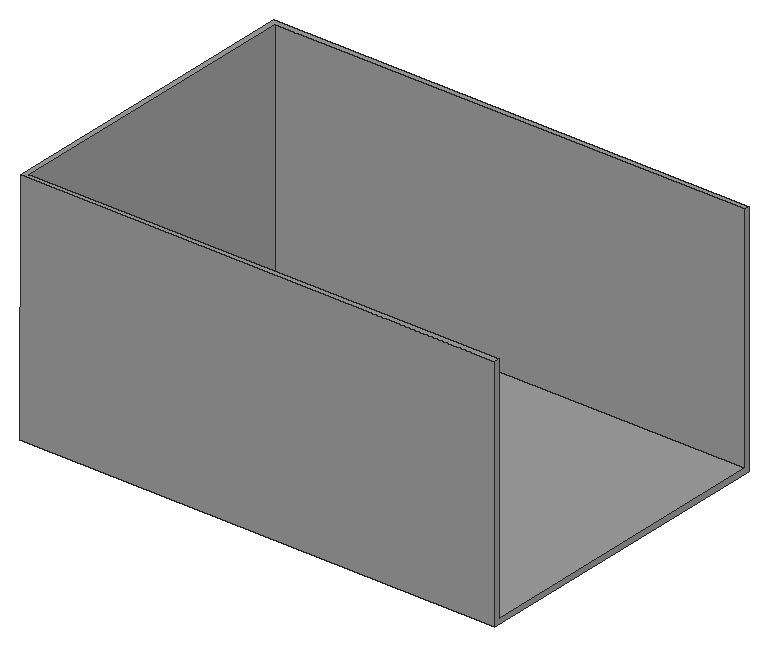
Revit family "Flashing_Preformed_Hyload_StopEnd", category Generic Models, Revit 2015
Parameters (values of type "4 inch")
  Unit Width = 0' - 4"
  Unit Height = 0' - 3"
  Unit Depth = 0' - 6"
  URL = "http://www.hyload.com/"
  Thickness = 0' - 0 1/16"
  Specification = "http://www.arcat.com/sdspecs/htm04/07_65_00hyl.htm"
  Sales Information = "http://www.hyload.com/contact-us"
  Revision = "R1_12-2015"
  Product Properties = "http://www.hyload.com/masonry-flashing/preformed-shapes/"
  Product Data = "http://www.arcat.com/arcatcos/cos33/arc33176.html"
  Model = "4 in Stop End"
  Manufacturer Website = "http://www.hyload.com/"
  Manufacturer Phone - Toll Free = "800-457-4056"
  Manufacturer Phone = "330-769-3546"
  Manufacturer Fax = "330-769-4153"
  Manufacturer Address = "5020 Panther Pkwy., Seville, OH 44273"
  Manufacturer = "Hyload"
  Keynote = "07 65 00"
  Flashing Material = Hyload Flashing Membrane - Grey
  Drawn By = "Robert S. Weygant / Sumex Design"
  Description = "Preformed Hyload Masonry Flashing - 4 in Stop End"
  Copyright = "(c) ARCAT, Inc, 2015"
  Construction Details = "http://www.arcat.com/details/hyload/hyload.html?coid=33176"
  Assembly Code = "B3010400"
Types (3): name | Unit Width | Model | Description
  4 inch | 0' - 4" | "4 in Stop End" | "Preformed Hyload Masonry Flashing - 4 in Stop End"
  6 inch | 0' - 6" | "6 in Stop End" | "Preformed Hyload Masonry Flashing - 6 in Stop End"
  8 inch | 0' - 8" | "8 in Stop End" | "Preformed Hyload Masonry Flashing - 8 in Stop End"
Reference planes (in)
  plane 1 "Center (Front/Back)": y = 0
  plane 2: z = 0
  plane 3 "Center (Left/Right)": x = 0
  plane 4: y = 4
  plane 5: x = 6
  plane 6: z = 3
Forms (in)
  Extrusion 1, solid, material "Hyload Flashing Membrane - Grey" <- "Flashing Material"
    sketch origin (0, 0, 0) x (1, 0, 0) y (0, 1, 0)
      loop
        line (0, 4) -> (0, 0) -> (6, 0) -> (6, 4) -> (0, 4)
    from 0 to 0.0625 <- "Thickness"
  Extrusion 2, solid, material "Hyload Flashing Membrane - Grey" <- "Flashing Material"
    sketch origin (0, 0, 0) x (1, 0, 0) y (0, 1, 0)
      loop
        line (0, 4) -> (0, 0) -> (6, 0) -> (6, 0.0625) -> (0.0625, 0.0625) -> (0.0625, 3.9375) -> (6, 3.9375) -> (6, 4) -> (0, 4)
    from 0 to 3 <- "Unit Height"
Cuts and joins
  joined: Extrusion 1, Extrusion 2
Dimensions and locks (in)
  "Unit Width": plane 1 "Center (Front/Back)" to plane 4
  "Unit Depth": plane 3 "Center (Left/Right)" to plane 5
  "Unit Height": plane 6 to level
  "Thickness": plane 1 "Center (Front/Back)" to Extrusion 2 sketch curve
  "Thickness": plane 3 "Center (Left/Right)" to Extrusion 2 sketch curve
  plane 3 "Center (Left/Right)" to Extrusion 2 = 0' - 6"
  "Thickness": plane 4 to Extrusion 2 sketch curve
  aligned and locked: plane 2 to level
  aligned and locked: Extrusion 1 sketch curve to plane 4
  aligned and locked: plane 3 "Center (Left/Right)" to Extrusion 1 sketch curve
  aligned and locked: Extrusion 1 sketch curve to plane 1 "Center (Front/Back)"
  aligned and locked: Extrusion 1 sketch curve to plane 5
  aligned and locked: plane 4 to Extrusion 2 sketch curve
  aligned and locked: Extrusion 2 sketch curve to plane 3 "Center (Left/Right)"
  aligned and locked: plane 1 "Center (Front/Back)" to Extrusion 2 sketch curve
  aligned and locked: plane 5 to Extrusion 2 sketch curve  (x2)
  aligned and locked: Extrusion 2 to level
